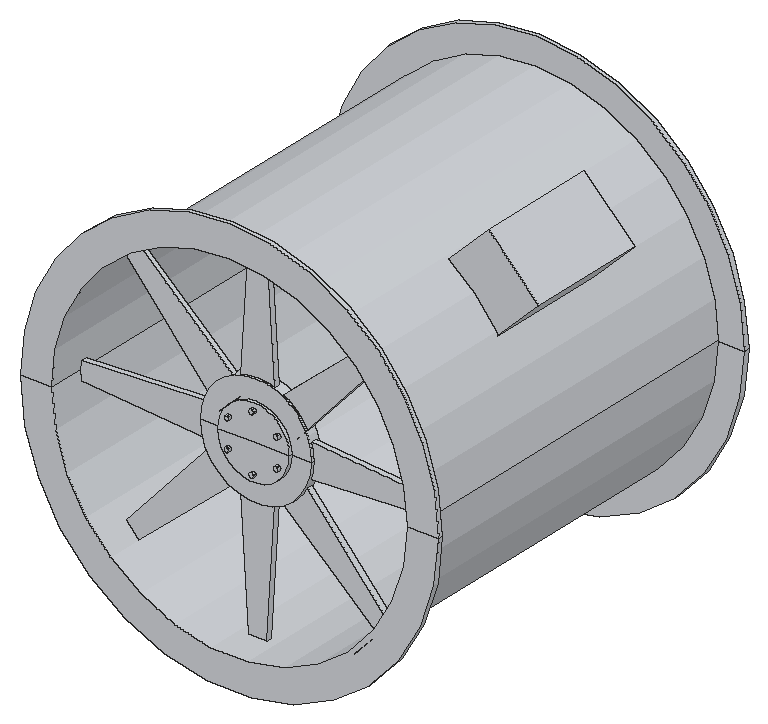
Revit family "CADS_Vent-Axia_MechEquip_Fan_LCA_400_3Ph2P - EXTRACT", category Mechanical Equipment, Revit 2020
Family settings
  Round Connector Dimension = Use Diameter
  Part Type = Normal
  OmniClass Number = 23.75.00.00
  OmniClass Title = Climate Control (HVAC)
  Work Plane-Based = No
  Always vertical = Yes
  Cut with Voids When Loaded = No
  Shared = No
  Room Calculation Point = No
Parameters (values of type "LCA403210")
  nr = NominalDiameter / 2  # 200 mm
  WorkingPressure = 0.0 Pa
  WarrantyStartDate [instance] = "1900-12-31T23:59:59"
  WarrantyPeriod = ""
  WarrantyIdentifier = "N/A"
  WarrantyGuarantorParts = "tech@vent-axia.com"
  WarrantyGuarantorLabor = "tech@vent-axia.com"
  WarrantyGuarantor = "Vent-Axia Limited"
  WarrantyEndDate [instance] = "1900-12-31T23:59:59"
  WarrantyContent = ""
  TemperatureRange = ""
  TagNumber [instance] = "N/A"
  SustainabilityPerformance = ""
  Status = "New"
  Size = ""
  Shape = ""
  ServiceLifeType = ""
  ServiceLifeDuration = ""
  SerialNumber [instance] = "N/A"
  ReplacementCost = ""
  RatedVoltage = 0 V
  RatedCurrent = 0 A
  Quantity = 1
  ProductionYear = ""
  PressureCurve = ""
  PowerFactor = ""
  PointOfContact = ""
  NumberOfPoles = 0
  NominalWidth = 400 mm
  NominalLength = 435 mm
  NominalHeight = 400 mm
  NominalFrequencyRange = ""
  NominalDiameter = 400 mm
  ModelReference = "LCAX 400mm 3PH 2P 10DEG"
  ModelNumber = "LCA403210"
  Material = ""
  ManufacturerE-Mail = "tech@vent-axia.com"
  ManufacturerAddress = "Fleming Way\nCrawley \nRH10 9YX"
  IsExtendedWarranty = no
  InsulationStandardClass = ""
  InstallationDate [instance] = "1900-12-31T23:59:59"
  IfcExportType [instance] = ""
  IfcExportAs = "IfcFanType"
  IP_Code = ""
  HasProtectiveEarth = no
  GrossWeight = 0.00 kg
  Grade = ""
  GlobalTradeItemNumber [instance] = "N/A"
  Fitting Type = "Ignore"
  Finish = ""
  Features = ""
  ExteriorInsulation = no
  ExpectedServiceLife = 0
  Exclusions = ""
  DurationUnit = "Year"
  Default Elevation = 0 mm
  Constituents = ""
  ConductorFunction = ""
  Color = ""
  CodePerformance = ""
  Category = ""
  CADS_Usage = 0
  CADS_Index = 0
  AssetType = "FIXED"
  AssetIdentifier [instance] = "N/A"
  AssemblyPlace = "UNKNOWN"
  ArticleNumber [instance] = "N/A"
  AirflowRateRange = 0.0 L/s
  Air Flow [instance] = 0.0 L/s
  AccessibilityPerformance = ""
Types (16, lengths in mm): name | ModelReference | ModelNumber
  LCA403210 | "LCAX 400mm 3PH 2P 10DEG" | "LCA403210"
  LCA403212 | "LCAX 400mm 3PH 2P 12DEG" | "LCA403212"
  LCA403214 | "LCAX 400mm 3PH 2P 14DEG" | "LCA403214"
  LCA403216 | "LCAX 400mm 3PH 2P 16DEG" | "LCA403216"
  LCA403218 | "LCAX 400mm 3PH 2P 18DEG" | "LCA403218"
  LCA403220 | "LCAX 400mm 3PH 2P 20DEG" | "LCA403220"
  LCA403222 | "LCAX 400mm 3PH 2P 22DEG" | "LCA403222"
  LCA403224 | "LCAX 400mm 3PH 2P 24DEG" | "LCA403224"
  LCA403226 | "LCAX 400mm 3PH 2P 26DEG" | "LCA403226"
  LCA403228 | "LCAX 400mm 3PH 2P 28DEG" | "LCA403228"
  LCA403230 | "LCAX 400mm 3PH 2P 30DEG" | "LCA403230"
  LCA403232 | "LCAX 400mm 3PH 2P 32DEG" | "LCA403232"
  LCA403234 | "LCAX 400mm 3PH 2P 34DEG" | "LCA403234"
  LCA403236 | "LCAX 400mm 3PH 2P 36DEG" | "LCA403236"
  LCA403238 | "LCAX 400mm 3PH 2P 38DEG" | "LCA403238"
  LCA403240 | "LCAX 400mm 3PH 2P 40DEG" | "LCA403240"
Reference planes
  plane 1 "Center (Front/Back)": y = 0
  plane 2: z = 0
  plane 3 "Center (Left/Right)": x = 0
  plane 4: x = -200
  plane 5: x = 200
  plane 6 "F": y = -217.5
  plane 7 "B": y = 217.5
  plane 8: x = -235
  plane 9: y = 212.5
  plane 10: y = -212.5
  plane 11: x = -205
  plane 12: y = -177.5
  plane 13 "top": z = 200
  plane 14: z = -200
  plane 15 "45deg": through (0, -1524, 0) normal (-0.7071, 0, -0.7071)
  plane 16 "C": through (0, -1524, 0) normal (-0.7071, 0, 0.7071)
Forms (mm)
  Revolve 1, solid
    sketch origin (0, 0, 0) x (1, 0, 0) y (0, 1, 0)
      loop
        line (-235, -217.5) -> (-200, -217.5) -> (-200, 217.5) -> (-235, 217.5) -> (-235, 212.5) -> (-205, 212.5) -> (-205, -212.5) -> (-235, -212.5) -> (-235, -217.5)
      axis (0, 217.5) -> (0, -217.5)
    angle from 0 to 360
  Sweep 2, solid
    path origin (0, 0, 0) x (1, 0, 0) y (0, 0, 1)
      loop
        line (141.421, 141.421) -> (187.383, 187.383)
    profile origin (164.402, 0, 164.402) x (-0.707107, 0, 0.707107) y (0, -1, 0)
      loop
        line (37.5, 55) -> (-42.73, 55) -> (-42.73, -79.5) -> (37.5, -79.5) -> (37.5, 55)
Dimensions and locks
  equal spacing: plane 4, plane 3 "Center (Left/Right)", plane 5
  equal spacing: plane 7 "B", plane 1 "Center (Front/Back)", plane 6 "F"
  "NominalLength": plane 7 "B" to plane 6 "F"
  "NominalDiameter": plane 4 to plane 5
  locked: plane 11 to plane 4 at 5
  locked: plane 8 to plane 11 at 30
  locked: plane 6 "F" to plane 10 at 5
  locked: plane 7 "B" to plane 9 at 5
  locked: plane 6 "F" to plane 12 at 40
  equal spacing: plane 13 "top", level, plane 14
  "NominalDiameter": plane 13 "top" to plane 14
  "nr": Sweep 2 sketch curve to nested 13
  Sweep 2 sketch curve to Sweep 2 sketch curve = 65 mm
  aligned and locked: level to plane 2
  aligned and locked: nested 1 to plane 12
Automatic sketch dimensions
  plane 6 "F" to Revolve 1 sketch curve = 0 mm
  Revolve 1 sketch curve to plane 8 = 0 mm  (x2)
  plane 10 to Revolve 1 sketch curve = 0 mm
  Revolve 1 sketch curve to plane 11 = 0 mm
  Revolve 1 sketch curve to plane 4 = 0 mm
  Revolve 1 sketch curve to plane 3 "Center (Left/Right)" = 0 mm
  plane 1 "Center (Front/Back)" to Revolve 1 sketch curve = 0 mm
  Revolve 1 sketch curve to plane 9 = 0 mm
  Revolve 1 sketch curve to plane 7 "B" = 0 mm
  plane 6 "F" to Revolve 1 sketch curve = 115 mm
  plane 1 "Center (Front/Back)" to Sweep 2 sketch curve = 55 mm
  Sweep 2 sketch curve to profile plane = 37.5 mm
  Sweep 2 sketch curve to Sweep 2 sketch curve = 80.23 mm
  Sweep 2 sketch curve to Sweep 2 sketch curve = 134.5 mm
  Sweep 2 sketch curve to plane 16 "C" = 0 mm  (x2)
Nested families
  nested 1: "Fan for ESC" at (0, -177.5, 0), ND <- "NominalDiameter", type "Fan for ESC"
    with hub 40 mm, ND 400 mm, BoltPCD 32 mm, Bolt Count 6, B_Diam 5 mm
  nested 2: "Bolts" at (27.713, -186.672, -16) x (-0.5, 0, -0.866) z (0, 1, 0), type "Bolts"
    with bd 5 mm
  nested 3: "Bolts" at (0, -186.672, -32) x (-1, 0, 0) z (0, 1, 0), type "Bolts"
    with bd 5 mm
  nested 4: "Bolts" at (-27.713, -186.672, -16) x (-0.5, 0, 0.866) z (0, 1, 0), type "Bolts"
    with bd 5 mm
  nested 5: "Bolts" at (-27.713, -186.672, 16) x (0.5, 0, 0.866) z (0, 1, 0), type "Bolts"
    with bd 5 mm
  nested 6: "Bolts" at (27.713, -186.672, 16) x (0.5, 0, -0.866) z (0, 1, 0), type "Bolts"
    with bd 5 mm
  nested 7: "Bolts" at (0, -186.672, 32) x (1, 0, 0) z (0, 1, 0), type "Bolts"
    with bd 5 mm
  nested 8: "ESC Blade" at (0, -177.5, 0), type "ESC Blade"
    with a 20.00°, HR 40 mm, HD 80 mm, BT 20 mm, BR 160 mm, BH 40 mm, BD 400 mm, BB 40 mm
  nested 9: "ESC Blade" at (0, -177.5, 0) x (0.7071, 0, -0.7071) z (0.7071, 0, 0.7071), type "ESC Blade"
    with a 20.00°, HR 40 mm, HD 80 mm, BT 20 mm, BR 160 mm, BH 40 mm, BD 400 mm, BB 40 mm
  nested 10: "ESC Blade" at (0, -177.5, 0) x (0, 0, -1) z (1, 0, 0), type "ESC Blade"
    with a 20.00°, HR 40 mm, HD 80 mm, BT 20 mm, BR 160 mm, BH 40 mm, BD 400 mm, BB 40 mm
  nested 11: "ESC Blade" at (0, -177.5, 0) x (-0.7071, 0, -0.7071) z (0.7071, 0, -0.7071), type "ESC Blade"
    with a 20.00°, HR 40 mm, HD 80 mm, BT 20 mm, BR 160 mm, BH 40 mm, BD 400 mm, BB 40 mm
  nested 12: "ESC Blade" at (0, -177.5, 0) x (-1, 0, 0) z (0, 0, -1), type "ESC Blade"
    with a 20.00°, HR 40 mm, HD 80 mm, BT 20 mm, BR 160 mm, BH 40 mm, BD 400 mm, BB 40 mm
  nested 13: "ESC Blade" at (0, -177.5, 0) x (-0.7071, 0, -0.7071) z (-0.7071, 0, 0.7071), type "ESC Blade"
    with a 20.00°, HR 40 mm, HD 80 mm, BT 20 mm, BR 160 mm, BH 40 mm, BD 400 mm, BB 40 mm
  nested 14: "ESC Blade" at (0, -177.5, 0) x (0, 0, -1) z (-1, 0, 0), type "ESC Blade"
    with a 20.00°, HR 40 mm, HD 80 mm, BT 20 mm, BR 160 mm, BH 40 mm, BD 400 mm, BB 40 mm
  nested 15: "ESC Blade" at (0, -177.5, 0) x (0.7071, 0, -0.7071) z (-0.7071, 0, -0.7071), type "ESC Blade"
    with a 20.00°, HR 40 mm, HD 80 mm, BT 20 mm, BR 160 mm, BH 40 mm, BD 400 mm, BB 40 mm
Connectors
  hvac at (0, -217.5, 0), driven by "NominalDiameter", driven by "Air Flow"
    settings: on Revolve 1, index 1, duct flow 0.0 L/s, flow factor 0, pres drop 0.0 Pa, loss coef 0, conn angle 0.00°, conn width 304.8 mm, conn height 304.8 mm, conn diameter 400 mm, duct sys type 2, conn prof type 0, flow config 0, flow direction 1, loss method 0, conn ref index -1, conn util no, is conn primary yes, conn desc ""
  hvac at (0, 217.5, 0), driven by "NominalDiameter", driven by "Air Flow"
    settings: on Revolve 1, index 2, duct flow 0.0 L/s, flow factor 0, pres drop 0.0 Pa, loss coef 0, conn angle 0.00°, conn width 304.8 mm, conn height 304.8 mm, conn diameter 400 mm, duct sys type 3, conn prof type 0, flow config 1, flow direction 2, loss method 0, conn ref index -1, conn util no, is conn primary no, conn desc ""
Definition of nested family "Fan for ESC"
  Parameters (values of type "Fan for ESC")
    hub [instance] = ND / 10  # 56.7 mm
    ND [instance] = 567 mm
    Model = "."
    Default Elevation = 0 mm
    BoltPCD [instance] = hub - (hub * 0.2)  # 45.36 mm
    Bolt Count [instance] = if(hub < 50 mm, 6, 8)  # 8
    B_Diam [instance] = if(hub < 50 mm, 5 mm, 10 mm)  # 10 mm
  Reference planes
    plane 1 "Center (Front/Back)": y = 0
    plane 2: z = 0
    plane 3 "Center (Left/Right)": x = 0
    plane 4 "back": y = 20
    plane 5 "bolts": y = -9.172
    plane 6 "B": z = 56.7
    plane 7: x = -79.287
    plane 8: x = -56.7
    plane 9 "hubface": y = -6.172
  Forms (mm)
    Revolve 1, solid
      sketch origin (0, 0, 0) x (1, 0, 0) y (0, 1, 0)
        loop
          line (0, 20) -> (-56.7, 20) -> (-56.7, 10.504) -> (-79.287, 10.504) -> (-79.287, -2.597) -> (-56.7, -2.597) -> (-56.7, -6.172) -> (0, -6.172) -> (0, 20)
        axis (0, 20) -> (0, -6.172)
      angle from 0 to 360
    Extrusion 2, solid, not visible
      sketch origin (0, -6.347, -4) x (-1, 0, 0) y (0, 0, 1)
        loop
          circle (0, 84) r 5
      from 0 to 3
  Lines and regions (mm)
    symbolic lines
      curve 1: circle (0, -9.172, 0) r 45.36 normal (0, 1, 0)
    model lines, not visible
      curve 2: line (0, -6.347, 85) -> (0, -6.347, 75)
  Dimensions and locks
    "hub": plane 6 "B" to plane 2
    "hub": nested 3 to plane 3 "Center (Left/Right)"
    "hub": nested 4 to plane 3 "Center (Left/Right)"
    "hub": nested 5 to plane 3 "Center (Left/Right)"
    "hub": plane 3 "Center (Left/Right)" to nested 6
    "hub": Revolve 1 sketch curve to Revolve 1 sketch curve
    "hub": plane 3 "Center (Left/Right)" to nested 7
    "hub": plane 3 "Center (Left/Right)" to nested 8
    "hub": plane 3 "Center (Left/Right)" to nested 9
    "hub": plane 8 to plane 3 "Center (Left/Right)"
    plane 7 to plane 8 = 22.587 mm
    diameter of Extrusion 2 sketch curve = 10 mm
    "BoltPCD": radius of curve 1
    "BoltPCD": radius of radial array
    aligned and locked: level to plane 2
    aligned and locked: plane 6 "B" to nested 1
  Automatic sketch dimensions
    Revolve 1 sketch curve to plane 7 = 0 mm
    Revolve 1 sketch curve to plane 8 = 0 mm  (x2)
    Revolve 1 sketch curve to plane 3 "Center (Left/Right)" = 0 mm
    Revolve 1 sketch curve to plane 9 "hubface" = 0 mm
    plane 4 "back" to Revolve 1 sketch curve = 0 mm
    plane 1 "Center (Front/Back)" to Revolve 1 sketch curve = 2.597 mm
    plane 4 "back" to Revolve 1 sketch curve = 9.496 mm
    Revolve 1 sketch curve to Revolve 1 sketch curve = 5 mm
    Revolve 1 sketch curve to plane 4 "back" = 45 mm
    curve 1 to level = 0 mm
    curve 1 to plane 3 "Center (Left/Right)" = 0 mm
  Nested families
    nested 1: "ESC Blade" at (0, 0, 0), BD <- "ND", HD <- "hub", type "ESC Blade"
      with a 20.00°, HR 56.7 mm, HD 113.4 mm, BT 28.35 mm, BR 226.8 mm, BH 40 mm, BD 567 mm, BB 56.7 mm
    nested 2: "ESC Blade" at (0, 0, 755), BD <- "ND", HD <- "hub", type "ESC Blade", not visible
      with a 20.00°, HR 56.7 mm, HD 113.4 mm, BT 28.35 mm, BR 226.8 mm, BH 40 mm, BD 567 mm, BB 56.7 mm
    nested 3: "ESC Blade" at (0, 0, 0) x (0.7071, 0, -0.7071) z (0.7071, 0, 0.7071), BD <- "ND", HD <- "hub", type "ESC Blade"
      with a 20.00°, HR 56.7 mm, HD 113.4 mm, BT 28.35 mm, BR 226.8 mm, BH 40 mm, BD 567 mm, BB 56.7 mm
    nested 4: "ESC Blade" at (0, 0, 0) x (0, 0, -1) z (1, 0, 0), BD <- "ND", HD <- "hub", type "ESC Blade"
      with a 20.00°, HR 56.7 mm, HD 113.4 mm, BT 28.35 mm, BR 226.8 mm, BH 40 mm, BD 567 mm, BB 56.7 mm
    nested 5: "ESC Blade" at (0, 0, 0) x (-0.7071, 0, -0.7071) z (0.7071, 0, -0.7071), BD <- "ND", HD <- "hub", type "ESC Blade"
      with a 20.00°, HR 56.7 mm, HD 113.4 mm, BT 28.35 mm, BR 226.8 mm, BH 40 mm, BD 567 mm, BB 56.7 mm
    nested 6: "ESC Blade" at (0, 0, 0) x (-1, 0, 0) z (0, 0, -1), BD <- "ND", HD <- "hub", type "ESC Blade"
      with a 20.00°, HR 56.7 mm, HD 113.4 mm, BT 28.35 mm, BR 226.8 mm, BH 40 mm, BD 567 mm, BB 56.7 mm
    nested 7: "ESC Blade" at (0, 0, 0) x (-0.7071, 0, -0.7071) z (-0.7071, 0, 0.7071), BD <- "ND", HD <- "hub", type "ESC Blade"
      with a 20.00°, HR 56.7 mm, HD 113.4 mm, BT 28.35 mm, BR 226.8 mm, BH 40 mm, BD 567 mm, BB 56.7 mm
    nested 8: "ESC Blade" at (0, 0, 0) x (0, 0, -1) z (-1, 0, 0), BD <- "ND", HD <- "hub", type "ESC Blade"
      with a 20.00°, HR 56.7 mm, HD 113.4 mm, BT 28.35 mm, BR 226.8 mm, BH 40 mm, BD 567 mm, BB 56.7 mm
    nested 9: "ESC Blade" at (0, 0, 0) x (0.7071, 0, -0.7071) z (-0.7071, 0, -0.7071), BD <- "ND", HD <- "hub", type "ESC Blade"
      with a 20.00°, HR 56.7 mm, HD 113.4 mm, BT 28.35 mm, BR 226.8 mm, BH 40 mm, BD 567 mm, BB 56.7 mm
    nested 10: "Bolts" at (0, -9.172, 45.36) x (1, 0, 0) z (0, 1, 0), bd <- "B_Diam", type "Bolts"
      with bd 10 mm
    nested 11: "Bolts" at (32.074, -9.172, 32.074) x (0.7071, 0, -0.7071) z (0, 1, 0), bd <- "B_Diam", type "Bolts"
      with bd 10 mm
    nested 12: "Bolts" at (-32.074, -9.172, 32.074) x (0.7071, 0, 0.7071) z (0, 1, 0), bd <- "B_Diam", type "Bolts"
      with bd 10 mm
    nested 13: "Bolts" at (-45.36, -9.172, 0) x (0, 0, 1) z (0, 1, 0), bd <- "B_Diam", type "Bolts"
      with bd 10 mm
    nested 14: "Bolts" at (-32.074, -9.172, -32.074) x (-0.7071, 0, 0.7071) z (0, 1, 0), bd <- "B_Diam", type "Bolts"
      with bd 10 mm
    nested 15: "Bolts" at (0, -9.172, -45.36) x (-1, 0, 0) z (0, 1, 0), bd <- "B_Diam", type "Bolts"
      with bd 10 mm
    nested 16: "Bolts" at (32.074, -9.172, -32.074) x (-0.7071, 0, -0.7071) z (0, 1, 0), bd <- "B_Diam", type "Bolts"
      with bd 10 mm
    nested 17: "Bolts" at (45.36, -9.172, 0) x (0, 0, -1) z (0, 1, 0), bd <- "B_Diam", type "Bolts"
      with bd 10 mm
  Definition of nested family "ESC Blade"
    Parameters (values of type "ESC Blade")
      a [instance] = 20.00°
      HR [instance] = HD / 2  # 30 mm
      HD [instance] = BD / 5  # 60 mm
      Default Elevation = 1219.2 mm
      BT [instance] = BD / 20  # 15 mm
      BR [instance] = (BD / 2) - HR  # 120 mm
      BH [instance] = 40 mm
      BD [instance] = 300 mm
      BB [instance] = BD / 10  # 30 mm
    Reference planes
      plane 1 "Center (Front/Back)": y = 0
      plane 2: z = 0
      plane 3 "Center (Left/Right)": x = 0
      plane 4 "Blade Bot": z = 30
      plane 5: x = -15
      plane 6: x = 15
      plane 7: x = -7.5
      plane 8: x = 7.5
    Forms (mm)
      Blend 1, solid
        base sketch origin (0, 0, 30) x (-1, 0, 0) y (0, -1, 0)
          loop
            line (15, 0) -> (-15, 0) -> (-15, -6) -> (15, -6) -> (15, 0)
        top sketch origin (0, 0, 30) x (-1, 0, 0) y (0, -1, 0)
          loop
            line (7.5, -6) -> (7.5, 0) -> (-7.5, 0) -> (-7.5, -6) -> (7.5, -6)
        from 0 to 120 <- "BR"
    Dimensions and locks
      "HR": plane 4 "Blade Bot" to level
      equal spacing: plane 8, plane 3 "Center (Left/Right)", plane 7
      "BT": plane 8 to plane 7
      equal spacing: plane 6, plane 3 "Center (Left/Right)", plane 5
      "BB": plane 6 to plane 5
      aligned and locked: level to plane 2
    Automatic sketch dimensions
      plane 1 "Center (Front/Back)" to Blend 1 sketch curve = 0 mm  (x2)
      Blend 1 sketch curve to plane 6 = 0 mm
      Blend 1 sketch curve to plane 5 = 0 mm
      Blend 1 sketch curve to plane 1 "Center (Front/Back)" = 6 mm  (x2)
      Blend 1 sketch curve to plane 8 = 0 mm
      Blend 1 sketch curve to plane 7 = 0 mm
  Definition of nested family "Bolts"
    Parameters
      bd [instance] = 10 mm
      Default Elevation = 1219.2 mm
    Reference planes
      plane 1 "Center (Front/Back)": y = 0
      plane 2: z = 0
      plane 3 "Center (Left/Right)": x = 0
    Forms (mm)
      Extrusion 1, solid
        sketch origin (0, 0, 0) x (1, 0, 0) y (0, 1, 0)
          loop
            line (-1219.2, 1219.2) -> (-1219.2, -1219.2) -> (1219.2, -1219.2) -> (1219.2, 1219.2) -> (-1219.2, 1219.2)
        from 0 to -304.8
      Extrusion 2, solid
        sketch origin (0, 0, 0) x (1, 0, 0) y (0, 1, 0)
          loop
            circle (0, 0) r 5
        from 0 to 3
    Dimensions and locks
      "bd": diameter of Extrusion 2 sketch curve
      aligned and locked: plane 2 to Extrusion 1
      aligned and locked: level to Extrusion 1
    Automatic sketch dimensions
      Extrusion 1 sketch curve to Extrusion 1 sketch curve = 2438.4 mm  (x2)
      plane 1 "Center (Front/Back)" to Extrusion 2 sketch curve = 0 mm
      Extrusion 2 sketch curve to plane 3 "Center (Left/Right)" = 0 mm
Definition of nested family "Bolts"
  Parameters
    bd [instance] = 10 mm
    Default Elevation = 1219.2 mm
  Reference planes
    plane 1 "Center (Front/Back)": y = 0
    plane 2: z = 0
    plane 3 "Center (Left/Right)": x = 0
  Forms (mm)
    Extrusion 1, solid
      sketch origin (0, 0, 0) x (1, 0, 0) y (0, 1, 0)
        loop
          line (-1219.2, 1219.2) -> (-1219.2, -1219.2) -> (1219.2, -1219.2) -> (1219.2, 1219.2) -> (-1219.2, 1219.2)
      from 0 to -304.8
    Extrusion 2, solid
      sketch origin (0, 0, 0) x (1, 0, 0) y (0, 1, 0)
        loop
          circle (0, 0) r 5
      from 0 to 3
  Dimensions and locks
    "bd": diameter of Extrusion 2 sketch curve
    aligned and locked: plane 2 to Extrusion 1
    aligned and locked: level to Extrusion 1
  Automatic sketch dimensions
    Extrusion 1 sketch curve to Extrusion 1 sketch curve = 2438.4 mm  (x2)
    plane 1 "Center (Front/Back)" to Extrusion 2 sketch curve = 0 mm
    Extrusion 2 sketch curve to plane 3 "Center (Left/Right)" = 0 mm
Definition of nested family "ESC Blade"
  Parameters (values of type "ESC Blade")
    a [instance] = 20.00°
    HR [instance] = HD / 2  # 30 mm
    HD [instance] = BD / 5  # 60 mm
    Default Elevation = 1219.2 mm
    BT [instance] = BD / 20  # 15 mm
    BR [instance] = (BD / 2) - HR  # 120 mm
    BH [instance] = 40 mm
    BD [instance] = 300 mm
    BB [instance] = BD / 10  # 30 mm
  Reference planes
    plane 1 "Center (Front/Back)": y = 0
    plane 2: z = 0
    plane 3 "Center (Left/Right)": x = 0
    plane 4 "Blade Bot": z = 30
    plane 5: x = -15
    plane 6: x = 15
    plane 7: x = -7.5
    plane 8: x = 7.5
  Forms (mm)
    Blend 1, solid
      base sketch origin (0, 0, 30) x (-1, 0, 0) y (0, -1, 0)
        loop
          line (15, 0) -> (-15, 0) -> (-15, -6) -> (15, -6) -> (15, 0)
      top sketch origin (0, 0, 30) x (-1, 0, 0) y (0, -1, 0)
        loop
          line (7.5, -6) -> (7.5, 0) -> (-7.5, 0) -> (-7.5, -6) -> (7.5, -6)
      from 0 to 120 <- "BR"
  Dimensions and locks
    "HR": plane 4 "Blade Bot" to level
    equal spacing: plane 8, plane 3 "Center (Left/Right)", plane 7
    "BT": plane 8 to plane 7
    equal spacing: plane 6, plane 3 "Center (Left/Right)", plane 5
    "BB": plane 6 to plane 5
    aligned and locked: level to plane 2
  Automatic sketch dimensions
    plane 1 "Center (Front/Back)" to Blend 1 sketch curve = 0 mm  (x2)
    Blend 1 sketch curve to plane 6 = 0 mm
    Blend 1 sketch curve to plane 5 = 0 mm
    Blend 1 sketch curve to plane 1 "Center (Front/Back)" = 6 mm  (x2)
    Blend 1 sketch curve to plane 8 = 0 mm
    Blend 1 sketch curve to plane 7 = 0 mm
